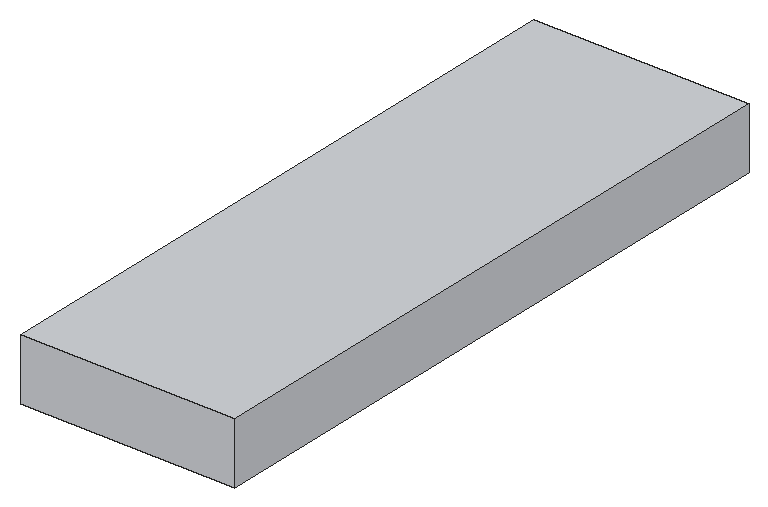
Revit family "Panelboard 480Y/277 400A MCB 42ckt Surface"
Parameters (values of type "400A MCB 42ckt")
  Width = 1' - 8"
  Height = 5' - 0"
  Depth = 0' - 5 3/4"
  PanelName = 0
  Voltage = 480 V
  Phases = 0
  Wires = 0
  BusRating = 400 A
  MainsType = 0
  MainsRating = 400 A
  ShortCircuitRatingkA = 14
  Mounting = 0
  NumberOfCircuits = 0
  NeutralRating = 0
  Description = "PRL2X"
  URL = "Eaton"
  Model = "480Y/277 V, 3-phase 4-wire, 400 A main-breaker panelboard, 42 circuits, surface mounted (box 20 W x 60 H x 5.75 D in; generated from catalog facts)"
Reference planes (in)
  plane 1 "Center (Front/Back)": y = 0
  plane 2 "Center (Left/Right)": x = 0
Forms (in)
  Extrusion 1, solid
    sketch origin (0, 0, 0) x (1, 0, 0) y (0, 1, 0)
      loop
        line (10, 30) -> (-10, 30) -> (-10, -30) -> (10, -30) -> (10, 30)
    from 5.75 to 0
Connectors (in)
  electrical at (0, 30, 2.875), driven by "Voltage"
    settings: on Extrusion 1, index 1, voltage 480 V, apparent load 0 VA, apparent load phase1 0 VA, apparent load phase2 0 VA, apparent load phase3 0 VA, power factor 1, load classification "Power", number of poles 3, system type 31, power factor state 1, is connector primary yes, connector utility no, sub classification motor no, connector description "Panel Feed"
